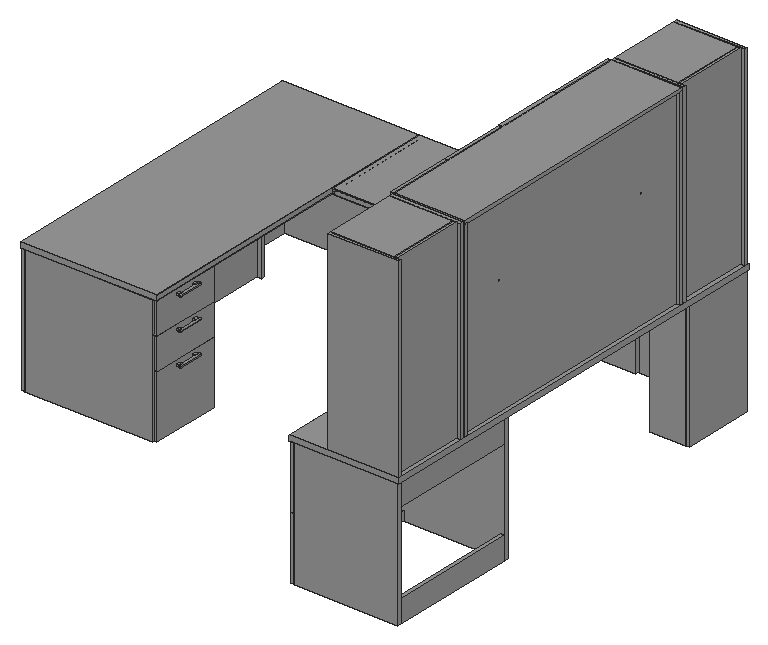
Revit family "JSI-Vision-Typical_Laminate-VST114", category Furniture, Revit 2020 (continued)
Definition of nested family "JSI-Vision-Single_Pedestal_Desk-Break_Front_Modesty"
  Dimensions and locks (in)
    aligned and locked: plane 18 to Extrusion 4
    aligned and locked: plane 11 to Extrusion 8
    aligned and locked: plane 22 to Extrusion 5
    aligned and locked: Extrusion 9 to plane 22
    aligned and locked: plane 12 to Extrusion 2
    aligned and locked: plane 13 to Extrusion 2
    aligned and locked: Extrusion 10 to plane 13
    aligned and locked: plane 17 to Extrusion 10
    aligned and locked: Extrusion 6 to plane 17
    aligned and locked: plane 25 to Extrusion 3  (x3)
    aligned and locked: curve 5 to Extrusion 8
    aligned and locked: curve 6 to Extrusion 3
    aligned and locked: curve 7 to Extrusion 3
    aligned and locked: curve 8 to Extrusion 3
    aligned and locked: curve 9 to Extrusion 3
    aligned and locked: curve 10 to Extrusion 4
    aligned and locked: Extrusion 1 to plane 7
    aligned and locked: plane 11 to Extrusion 10
    aligned and locked: Extrusion 6 to curve 12
    aligned and locked: curve 13 to Extrusion 10
    aligned and locked: curve 14 to Extrusion 6
    aligned and locked: Extrusion 6 to curve 15
    aligned and locked: curve 16 to Extrusion 10
    aligned and locked: curve 17 to Extrusion 10
    aligned and locked: curve 18 to Extrusion 11
    aligned and locked: curve 19 to Extrusion 11
    aligned and locked: curve 20 to Extrusion 11
    aligned and locked: curve 21 to Extrusion 4
    aligned and locked: Extrusion 4 to curve 22
    aligned and locked: curve 23 to Extrusion 8
    aligned and locked: curve 24 to Extrusion 8
    aligned and locked: curve 4 to cut or joined group of Extrusion 1, Sweep 7, Sweep 12
    aligned and locked: curve 3 to cut or joined group of Extrusion 1, Sweep 7, Sweep 12
    aligned and locked: curve 25 to cut or joined group of Extrusion 1, Sweep 7, Sweep 12
    aligned and locked: Extrusion 9 to curve 26
    aligned and locked: curve 27 to Extrusion 9
    aligned and locked: curve 28 to Extrusion 9
    aligned and locked: nested 4 to plane 5
    aligned and locked: nested 4 to plane 16
    aligned and locked: curve 29 to Extrusion 2
    aligned and locked: curve 30 to Extrusion 2
    aligned and locked: curve 31 to Extrusion 2
    aligned and locked: curve 32 to Extrusion 2
    aligned and locked: Extrusion 4 to Extrusion 8
    aligned and locked: Extrusion 6 to Extrusion 8
    aligned and locked: Extrusion 9 to Extrusion 8
  Automatic sketch dimensions
    curve 23 to plane 18 = 0"
    curve 6 to plane 14 = 0"
    curve 6 to plane 24 = 0"
    curve 22 to plane 22 = 0"
    curve 26 to plane 22 = 0"
    curve 7 to plane 25 = 0"
    curve 5 to plane 11 = 0"
    curve 5 to plane 12 = 0"
    curve 31 to plane 12 = 0"
    curve 19 to plane 23 = 0"
    curve 13 to plane 11 = 0"
    curve 13 to plane 13 = 0"
    curve 32 to plane 13 = 0"
    curve 15 to plane 22 = 0"
    curve 14 to plane 17 = 0"
    curve 2 to plane 5 = 0"
    curve 31 to plane 21 = 0"
    plane 24 to curve 22 = 11/16"
    curve 26 to plane 27 = 1/2"
    plane 12 to curve 28 = 0"
    plane 13 to curve 18 = 3/4"
    curve 15 to plane 26 = 0.624"
    plane 5 to curve 8 = 0.13"
    curve 20 to plane 19 = 0.7459"
    plane 19 to curve 30 = 0.2541"
    curve 17 to plane 11 = 3/4"
    curve 27 to curve 23 = 0"
    Extrusion 1 sketch curve to plane 2 "Center (Left/Right)" = 0"
    Extrusion 1 sketch curve to plane 10 = 0"
    plane 7 to Extrusion 1 sketch curve = 0"
    plane 5 to Extrusion 1 sketch curve = 1/8"
    Extrusion 2 sketch curve to plane 12 = 0"
    Extrusion 2 sketch curve to plane 13 = 0"
    Extrusion 2 sketch curve to plane 21 = 0"
    plane 19 to Extrusion 2 sketch curve = 0.2541"
    Extrusion 3 sketch curve to plane 24 = 0"  (x3)
    Extrusion 3 sketch curve to plane 25 = 0"  (x3)
    level to Extrusion 3 sketch curve = 0.14093"
    Extrusion 3 sketch curve to Extrusion 3 sketch curve = 13 13/16"
    Extrusion 3 sketch curve to Extrusion 3 sketch curve = 1/8"
    Extrusion 3 sketch curve to Extrusion 3 sketch curve = 6 27/32"
    Extrusion 3 sketch curve to Extrusion 3 sketch curve = 0.1255"
    Extrusion 3 sketch curve to plane 4 = 0.10907"
    Extrusion 4 sketch curve to plane 4 = 0"
    Extrusion 4 sketch curve to plane 22 = 0"
    Extrusion 4 sketch curve to level = 0"
    Extrusion 4 sketch curve to plane 11 = 3/4"
    Extrusion 5 sketch curve to level = 0"
    plane 24 to Extrusion 5 sketch curve = 11/16"
    Extrusion 5 sketch curve to plane 27 = 1/2"
    level to Extrusion 5 sketch curve = 1 15/16"
    Extrusion 6 sketch curve to plane 4 = 0"
    Extrusion 6 sketch curve to plane 22 = 0"
    Extrusion 6 sketch curve to level = 0"
    Extrusion 6 sketch curve to plane 11 = 3/4"
    Sweep 7 sketch curve to profile plane = 0"  (x2)
    profile plane to Sweep 7 sketch curve = 1/8"
    Sweep 7 sketch curve to Sweep 7 sketch curve = 15/16"
    Extrusion 8 sketch curve to level = 0"
    plane 18 to Extrusion 8 sketch curve = 0"
    plane 12 to Extrusion 8 sketch curve = 0"
    Extrusion 8 sketch curve to plane 4 = 0"
    Extrusion 9 sketch curve to plane 4 = 0"
    Extrusion 9 sketch curve to plane 22 = 0"
    Extrusion 9 sketch curve to level = 0"
    Extrusion 9 sketch curve to plane 11 = 3/4"
    Extrusion 10 sketch curve to level = 0"
    Extrusion 10 sketch curve to plane 17 = 0"
    Extrusion 10 sketch curve to plane 13 = 0"
    Extrusion 10 sketch curve to plane 4 = 0"
    Extrusion 11 sketch curve to plane 4 = 0"
    Extrusion 11 sketch curve to level = 0"
    Extrusion 11 sketch curve to plane 19 = 0.7459"
    Extrusion 11 sketch curve to plane 11 = 3/4"
    Sweep 12 sketch curve to profile plane = 0"  (x2)
    profile plane to Sweep 12 sketch curve = 1/8"
    Sweep 12 sketch curve to Sweep 12 sketch curve = 15/16"
  Nested families (in)
    nested 1: "Bar Pull" at (-28.12663, -19.12, 13.20292), Pull Finish <- "Pull Finish", type "PL"
      with Pull Finish none
    nested 2: "Bar Pull" at (-28.12663, -19.12, 20.171), Pull Finish <- "Pull Finish", type "PL"
      with Pull Finish none
    nested 3: "Bar Pull" at (-28.12663, -19.12, 27.14116), Pull Finish <- "Pull Finish", type "PL"
      with Pull Finish none
    nested 4: "Label 1-16-1" at (-28.12663, -19.25, 0), type "DRWCFG"
  Definition of nested family "Bar Pull"
    Parameters
      Pull Finish [instance] = none
      Default Elevation = 0"
    Reference planes (in)
      plane 1 "Center Front/Back": y = 0
      plane 2: z = 0
      plane 3 "Center Left/Right": x = 0
      plane 4: x = -2.68731
      plane 5: x = -1.88731
      plane 6: x = 2.68731
      plane 7: x = 1.88731
      plane 8: y = -1
      plane 9: y = -0.85202
    Forms (in)
      Extrusion 1, solid, material <- "Pull Finish"
        sketch origin (0, 0, 0) x (0, 1, 0) y (0, 0, 1)
          loop
            line (0, -0.2015) -> (0, 0.2015) -> (-0.85202, 0.2015)
            arc (-0.85202, 0.2015) -> (-0.75, 0) -> (-0.85202, -0.2015) r 0.25
            line (-0.85202, -0.2015) -> (0, -0.2015)
        from 1.88731 to 2.68731
      Extrusion 2, solid, material <- "Pull Finish"
        sketch origin (0, 0, 0) x (0, 1, 0) y (0, 0, 1)
          loop
            circle (-1, 0) r 0.25
        from -2.68731 to 2.68731
      Extrusion 3, solid, material <- "Pull Finish"
        sketch origin (0, 0, 0) x (0, 1, 0) y (0, 0, -1)
          loop
            line (0, 0.2015) -> (-0.85202, 0.2015)
            arc (-0.85202, 0.2015) -> (-0.75, 0) -> (-0.85202, -0.2015) r 0.25
            line (-0.85202, -0.2015) -> (0, -0.2015) -> (0, 0.2015)
        from 1.88731 to 2.68731
    Dimensions and locks (in)
      plane 4 to plane 5 to plane 3 "Center Left/Right" to plane 7 to plane 6 = 0.8" locked, 1.88731" locked, 1.88731" locked, 0.8" locked
      plane 8 to plane 9 to plane 1 "Center Front/Back" = 0.14798" locked, 0.85202" locked
      aligned and locked: level to plane 2
      aligned and locked: plane 4 to Extrusion 3
      aligned and locked: Extrusion 3 to plane 5
      aligned and locked: plane 4 to Extrusion 2
      aligned and locked: Extrusion 1 to plane 7
      aligned and locked: plane 6 to Extrusion 1
      aligned and locked: plane 6 to Extrusion 2
      aligned and locked: plane 8 to Extrusion 2 sketch curve
      aligned and locked: Extrusion 3 to plane 1 "Center Front/Back"
      aligned and locked: Extrusion 1 to plane 1 "Center Front/Back"
      aligned and locked: plane 5 to Extrusion 3
      aligned and locked: Extrusion 3 to plane 4
      aligned and locked: Extrusion 2 to plane 4
      aligned and locked: plane 7 to Extrusion 1
      aligned and locked: Extrusion 1 to plane 6
      aligned and locked: Extrusion 2 to plane 6
  Definition of nested family "Label 1-16-1"
    Parameters
      Width = 1"
      Model Name = "BBF"
    Reference planes (in)
      plane 1: y = 0
      plane 2: x = 0
    Text (in)
      label "XX" at (0.00051, -0.12324, 0), shows "Model Name"
Definition of nested family "JSI-Vision-Support_Rail_Work_Surface"
  Parameters (values of type "GP0243SB, Metal Support Rail for Work Surface  2W 43 L 3/4H")
    Width = 43"
    URL = "www.jsifurniture.com"
    Type Comments = ""
    Series = "Vision Casegoods"  # constant formula
    Support Finish = none
    Model = "GP0243SB"
    Material = ""
    Manufacturer = "JSI"  # constant formula
    Keynote = "12500"  # constant formula
    JSI Enviromental Website = "http://www.jsifurniture.com/jsi_sustainability_intro.php"
    Height = 25/32"
    Description = "Metal Support Rail for Work Surface  2W 43 L 3/4H"
    Depth = 2"
    Default Elevation = 0"
    Assembly Code = "E2020200"
  Types (3): name | Width | Model | Description
    GP0243SB, Metal Support Rail for Work Surface  2W 43 L 3/4H | 43" | "GP0243SB" | "Metal Support Rail for Work Surface  2W 43 L 3/4H"
    GP0249SB, Metal Support Rail for Work Surface  2W49 L 3/4H | 49" | "GP0249SB" | "Metal Support Rail for Work Surface  2W49 L 3/4H"
    GP0255SB, Metal Support Rail for Work Surface  2W 55 L 3/4H | 55" | "GP0255SB" | "Metal Support Rail for Work Surface  2W 55 L 3/4H"
  Reference planes (in)
    plane 1 "Center Front/Back": y = 0
    plane 2: z = 0
    plane 3 "Center Left/Right": x = 0
    plane 4: z = 0
    plane 5: z = 27.81222
    plane 6: x = 43
    plane 7: y = -2
  Forms (in)
    Extrusion 1, solid, material <- "Support Finish"
      sketch origin (0, 0, 0) x (0, 1, 0) y (0, 0, 1)
        loop
          line (0, 27.74972) -> (0, 27.81222) -> (-0.53345, 27.81222) -> (-1, 27.11239) -> (-1.46655, 27.81222) -> (-2, 27.81222) -> (-2, 27.74972) -> (-1.5, 27.74972) -> (-1.04048, 27.06043)
          arc (-1.04048, 27.06043) -> (-1, 27.03877) -> (-0.95952, 27.06043) r 0.04865
          line (-0.95952, 27.06043) -> (-0.5, 27.74972) -> (0, 27.74972)
      from 0 to 43
  Lines and regions (in)
    symbolic lines
      curve 1: line (0, 0, 0) -> (43, 0, 0)
      curve 2: line (0, -2, 0) -> (0, 0, 0)
      curve 3: line (43, -2, 0) -> (0, -2, 0)
      curve 4: line (43, 0, 0) -> (43, -2, 0)
      curve 5: line (0, -1.46655, 0) -> (43, -1.46655, 0)
      curve 6: line (43, -0.53345, 0) -> (0, -0.53345, 0)
      curve 7: line (0, -1, 0) -> (43, -1, 0)
  Dimensions and locks (in)
    "Width": plane 3 "Center Left/Right" to plane 6
    "Depth": plane 1 "Center Front/Back" to plane 7
    aligned and locked: level to plane 2
    aligned and locked: plane 4 to plane 2
    aligned and locked: Extrusion 1 to plane 3 "Center Left/Right"
    aligned and locked: plane 6 to Extrusion 1
    aligned and locked: plane 3 "Center Left/Right" to curve 2
    aligned and locked: curve 4 to plane 6
    aligned and locked: plane 1 "Center Front/Back" to curve 1
    aligned and locked: plane 7 to curve 3
    aligned and locked: curve 5 to Extrusion 1
    aligned and locked: curve 6 to Extrusion 1
    aligned and locked: curve 7 to Extrusion 1
  Automatic sketch dimensions
    Extrusion 1 sketch curve to plane 7 = 0"
    Extrusion 1 sketch curve to plane 5 = 0"  (x2)
    Extrusion 1 sketch curve to plane 1 "Center Front/Back" = 0"
    Extrusion 1 sketch curve to plane 5 = 1/16"  (x2)
    Extrusion 1 sketch curve to Extrusion 1 sketch curve = 1/2"
    Extrusion 1 sketch curve to Extrusion 1 sketch curve = 0.03345"  (x2)
    Extrusion 1 sketch curve to Extrusion 1 sketch curve = 0.45952"
    Extrusion 1 sketch curve to Extrusion 1 sketch curve = 0.04048"  (x2)
    Extrusion 1 sketch curve to Extrusion 1 sketch curve = 0"
    Extrusion 1 sketch curve to Extrusion 1 sketch curve = 0.53345"
    Extrusion 1 sketch curve to plane 5 = 0.69983"
    Extrusion 1 sketch curve to Extrusion 1 sketch curve = 0.02498"
    Extrusion 1 sketch curve to Extrusion 1 sketch curve = 0.02698"
Definition of nested family "JSI-Vision-Bridge_Modesty_Panel"
  Parameters (values of type "VST2048EB, Bridge w/Modesty Panel 20"d x 48"w")
    Top Finish = none
    Panel Finish = none
    Width = 48"
    URL = "www.jsifurniture.com"
    Type Comments = ""
    Series = "Vision Casegoods"  # constant formula
    Model = "VST2048EB"
    Material = ""
    Manufacturer = "JSI"  # constant formula
    Keynote = "12500"  # constant formula
    JSI Enviromental Website = "http://www.jsifurniture.com/jsi_sustainability_intro.php"
    Height = 29 3/16"
    Description = "Bridge w/Modesty Panel 20\"d x 48\"w Laminate"
    Depth = 20"
    Default Elevation = 0"
    Assembly Code = "E2020200"
  Types (4): name | Model | Description | Depth
    VST2048EB, Bridge w/Modesty Panel 20"d x 48"w | "VST2048EB" | "Bridge w/Modesty Panel 20\"d x 48\"w Laminate" | 20"
    VST2448EB, Bridge w/Modesty Panel 24"d x 48"w | "VST2448EB" | "Bridge w/Modesty Panel 24\"d x 48\"w Laminate" | 24"
    VSV2048EB, Bridge w/Modesty Panel 20"d x 48"w | "VSV2048EB" | "Bridge w/Modesty Panel 20\"d x 48\"w Veneer" | 20"
    VSV2448EB, Bridge w/Modesty Panel 24"d x 48"w | "VSV2448EB" | "Bridge w/Modesty Panel 24\"d x 48\"w Veneer" | 24"
  Reference planes (in)
    plane 1 "Center Front/Back": y = 0
    plane 2: z = 0
    plane 3 "Center Left/Right": x = 0
    plane 4: z = 28
    plane 5: x = 48
    plane 6: z = 29.1875
    plane 7: y = -20
    plane 8: y = -0.875
    plane 9: y = -1.6875
  Forms (in)
    Extrusion 1, solid, material <- "Top Finish"
      sketch origin (0, 0, -0.05243) x (0, 1, 0) y (0, 0, 1)
        loop
          line (0, 29.23993) -> (-19.87345, 29.23993)
          arc (-19.87345, 29.23993) -> (-19.96294, 29.20286) -> (-20, 29.11338) r 0.12655
          line (-20, 29.11338) -> (-20, 28.17743)
          arc (-20, 28.17743) -> (-19.96339, 28.08904) -> (-19.875, 28.05243) r 0.125
          line (-19.875, 28.05243) -> (0, 28.05243) -> (0, 29.23993)
      from 0 to 48
    Extrusion 2, solid, material <- "Panel Finish"
      sketch origin (0, 0, -0.05243) x (1, 0, 0) y (0, 1, 0)
        loop
          line (-0.87503, -0.875) -> (-0.87503, -1.6875) -> (48.87504, -1.6875) -> (48.87504, -0.875) -> (-0.87503, -0.875)
      from 0.05243 to 28.05243
  Lines and regions (in)
    symbolic lines
      curve 1: line (0, 0, 0) -> (48, 0, 0)
      curve 2: line (0, -20, 0) -> (0, 0, 0)
      curve 3: line (48, -20, 0) -> (0, -20, 0)
      curve 4: line (48, 0, 0) -> (48, -20, 0)
      curve 7: line (-0.87503, -0.875, 0) -> (-0.87503, -1.6875, 0)
      curve 8: line (-0.87503, -0.875, 0) -> (0, -0.875, 0)
      curve 9: line (-0.87503, -1.6875, 0) -> (0, -1.6875, 0)
      curve 10: line (48.87504, -0.875, 0) -> (48.87504, -1.6875, 0)
      curve 11: line (48.87504, -0.875, 0) -> (48, -0.875, 0)
      curve 12: line (48.87504, -1.6875, 0) -> (48, -1.6875, 0)
    symbolic lines, detail levels medium+fine
      curve 5: line (0, -0.875, 0) -> (48, -0.875, 0)
      curve 6: line (0, -1.6875, 0) -> (48, -1.6875, 0)
  Dimensions and locks (in)
    "Width": plane 3 "Center Left/Right" to plane 5
    "Depth": plane 7 to plane 1 "Center Front/Back"
    locked: plane 6 to plane 4 at 1.1875
    plane 1 "Center Front/Back" to plane 8 to plane 9 = 7/8" locked, 13/16" locked
    "Height": plane 6 to plane 2
    aligned and locked: level to plane 2
    aligned and locked: plane 1 "Center Front/Back" to Extrusion 1 sketch curve
    aligned and locked: plane 7 to Extrusion 1 sketch curve
    aligned and locked: Extrusion 1 sketch curve to plane 6
    aligned and locked: plane 4 to Extrusion 1 sketch curve
    aligned and locked: Extrusion 1 to plane 3 "Center Left/Right"
    aligned and locked: plane 5 to Extrusion 1
    aligned and locked: Extrusion 2 to plane 2
    aligned and locked: plane 4 to Extrusion 2
    aligned and locked: plane 3 "Center Left/Right" to curve 2
    aligned and locked: curve 4 to plane 5
    aligned and locked: plane 7 to curve 3
    aligned and locked: plane 1 "Center Front/Back" to curve 1
    aligned and locked: plane 5 to curve 5
    aligned and locked: plane 3 "Center Left/Right" to curve 5
    aligned and locked: curve 5 to plane 8
    aligned and locked: curve 6 to plane 9
    aligned and locked: curve 7 to Extrusion 2
    aligned and locked: curve 9 to Extrusion 2
    aligned and locked: curve 11 to Extrusion 2
    aligned and locked: curve 12 to Extrusion 2
  Automatic sketch dimensions
    Extrusion 1 sketch curve to plane 6 = 0.12655"
    plane 4 to Extrusion 1 sketch curve = 1/8"
    Extrusion 2 sketch curve to plane 9 = 0"
    Extrusion 2 sketch curve to plane 8 = 0"
    Extrusion 2 sketch curve to plane 3 "Center Left/Right" = 0.87503"
    plane 5 to Extrusion 2 sketch curve = 0.87504"
    curve 7 to plane 8 = 0"
    curve 5 to curve 10 = 0.87504"
